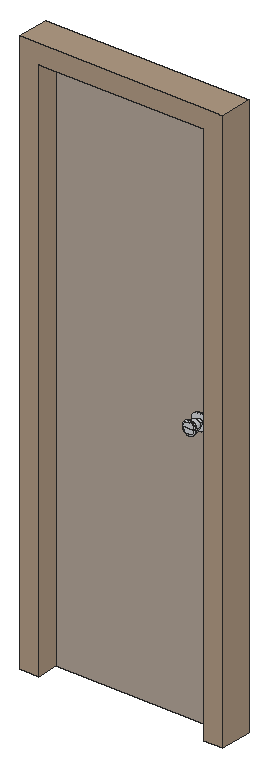
Revit family "D9_木門", category 門, Revit 2014
Parameters (values of type "75 x 210 cm")
  熱阻 (R) = 0.270117 (m²·K)/W
  Visual Light Transmittance = 0
  Solar Heat Gain Coefficient = 0
  營造類型 Id = "MDOOR"
  關鍵註記 = "單開門-矩形"
  傳熱係數 (U) = 3.7021 W/(m²·K)
  功能 = 室內
  門扇材料 = none
  門扇寬度 = Width - 2 * 開門側框寬度  # 650 mm
  門扇厚度 = 40 mm
  Assembly Code = ""
  Rough Height = Height  # 2100 mm
  Rough Width = Width  # 750 mm
  框架深度 = 120 mm
  框擋板寬度 = 門扇厚度 / 2  # 20 mm
  框總寬度 [instance] = 開門側框寬度 + 框擋板寬度  # 70 mm
  Height = 2100 mm
  牆封閉 = 依主體
  框架材料 = none
  開門側框寬度 = 50 mm
  握把五金 = none
  Width = 750 mm
  操作 = "左單開門方向"
  解析營造 = "金屬"
Reference planes
  plane 1: y = -210
  plane 2 "中心 (左/右)": x = 0
  plane 3 "左": x = -375
  plane 4 "右": x = 375
  plane 5: z = 2100
  plane 6 "外部": y = -135
  plane 7 "內部": y = -285
  plane 8: y = 320
  plane 9: y = -740
  plane 10: z = 1050
Forms (mm)
  Sweep 1, solid, material "橡木、紅色"
    path origin (-5000, -210, 0) x (-1, 0, 0) y (0, 0, 1)
      loop
        line (-5375, 0) -> (-5375, 2100) -> (-4625, 2100) -> (-4625, 0)
    profile origin (375, -210, 1050) x (1, 0, 0) y (0, 1, 0)
      loop
        line (0, 60) -> (-50, 60) -> (-50, 20) -> (-70, 20) -> (-70, -60) -> (0, -60) -> (0, 60)
  Extrusion 2, solid, material "橡木、白色"
    sketch origin (-5000, -210, 0) x (1, 0, 0) y (0, 0, 1)
      loop
        line (4675, 2050) -> (4675, 0) -> (5325, 0) -> (5325, 2050) -> (4675, 2050)
    from -60 to -20
Lines and regions (mm)
  Opening 1
    outline origin (-3050, -285, 0) x (1, 0, 0) y (0, 0, 1)
      loop
        line (2675, 0) -> (3425, 0) -> (3425, 2100) -> (2675, 2100) -> (2675, 0)
  symbolic lines, style "Doors"
    curve 1: line (-325, -150, 0) -> (-285, -150, 0)
    curve 2: line (-325, 500, 0) -> (-325, -150, 0)
    curve 3: line (-285, 500, 0) -> (-325, 500, 0)
    curve 4: line (-285, -150, 0) -> (-285, 500, 0)
  symbolic lines, style "平面圖打開方向"
    curve 5: arc (325, -150, 0) -> (148.55, 295.253, 0) -> (-285, 498.768, 0) r 650
  symbolic lines, style "DoorsFrameMullionProjection"
    curve 6: line (-325, -150, 0) -> (-375, -150, 0)
    curve 7: line (-325, -270, 0) -> (-325, -150, 0)
    curve 8: line (-375, -270, 0) -> (-325, -270, 0)
    curve 9: line (-375, -150, 0) -> (-375, -270, 0)
    curve 10: line (325, -150, 0) -> (375, -150, 0)
    curve 11: line (325, -270, 0) -> (325, -150, 0)
    curve 12: line (375, -270, 0) -> (325, -270, 0)
    curve 13: line (375, -150, 0) -> (375, -270, 0)
  symbolic lines, style "立面圖打開方向"
    curve 14: line (-375, -285, 1050) -> (375, -285, 0)
    curve 15: line (-375, -135, 1050) -> (375, -135, 2100)
  model lines
    curve 16: line (205, -150, 450) -> (-205, -150, 450)
    curve 17: line (205, -150, 200) -> (205, -150, 450)
    curve 18: line (-205, -150, 200) -> (205, -150, 200)
    curve 19: line (-205, -150, 450) -> (-205, -150, 200)
    curve 20: line (205, -150, 410) -> (-205, -150, 410)
    curve 21: line (205, -150, 370) -> (-205, -150, 370)
    curve 22: line (205, -150, 330) -> (-205, -150, 330)
    curve 23: line (205, -150, 290) -> (-205, -150, 290)
    curve 24: line (205, -150, 250) -> (-205, -150, 250)
    curve 25: line (205, -190, 450) -> (-205, -190, 450)
    curve 26: line (205, -190, 200) -> (205, -190, 450)
    curve 27: line (-205, -190, 200) -> (205, -190, 200)
    curve 28: line (-205, -190, 450) -> (-205, -190, 200)
    curve 29: line (205, -190, 410) -> (-205, -190, 410)
    curve 30: line (205, -190, 370) -> (-205, -190, 370)
    curve 31: line (205, -190, 330) -> (-205, -190, 330)
    curve 32: line (205, -190, 290) -> (-205, -190, 290)
    curve 33: line (205, -190, 250) -> (-205, -190, 250)
Text (mm)
  text "外部" at (-2295.016, 1099.543, 0), in view "參考樓層"
  text "外部" at (0, 1615.38, 3698.081), in view "左"
  text "外部" at (0, 1036.032, 3874.932), in view "右"
Dimensions and locks
  equal spacing: plane 3 "左", plane 2 "中心 (左/右)", plane 4 "右"
  "Width": plane 3 "左" to plane 4 "右"
  "Height": plane 5 to host wall
  host wall to plane 5 = 2100 mm  (x2)
  locked: plane 6 "外部" to host wall at 0
  locked: plane 7 "內部" to host wall
  equal spacing: Sweep 1 sketch curve, host wall, Sweep 1 sketch curve
  "框架深度": Sweep 1 sketch curve to Sweep 1 sketch curve
  "門扇厚度": Sweep 1 sketch curve to Sweep 1 sketch curve
  "開門側框寬度": Sweep 1 sketch curve to Sweep 1 sketch curve
  "框擋板寬度": Sweep 1 sketch curve to Sweep 1 sketch curve
  "Width": Sweep 1 sketch curve to Sweep 1 sketch curve
  "門扇厚度": curve 2 to curve 4
  "門扇寬度": curve 3 to curve 1
  "開門側框寬度": curve 11 to Sweep 1
  "開門側框寬度": curve 9 to curve 7
  equal spacing: Sweep 1, host wall, Sweep 1  (x2)
  "框架深度": Sweep 1 to Sweep 1  (x2)
  equal spacing: curve 6, plane 1, curve 8
  "框架深度": curve 6 to curve 8
  equal spacing: curve 12, plane 1, curve 10
  "框架深度": curve 12 to curve 10
  locked: nested 2 to Sweep 1 at 75
  locked: nested 1 to Sweep 1 at 75
  equal spacing: plane 8, plane 1, plane 9
  plane 8 to plane 9 = 1060 mm
  "門扇厚度": Extrusion 2 to Extrusion 2
  equal spacing: plane 5, plane 10, level
  "門扇寬度": radius of curve 5
  aligned and locked: plane 3 "左" to Opening 1 sketch curve
  aligned and locked: plane 5 to Opening 1 sketch curve  (x2)
  aligned and locked: Opening 1 sketch curve to plane 4 "右"
  aligned and locked: Opening 1 sketch curve to level
  aligned and locked: plane 1 to host wall
  aligned and locked: Sweep 1 to Extrusion 2 sketch curve
  aligned and locked: Extrusion 2 sketch curve to Sweep 1  (x2)
  aligned and locked: level to Extrusion 2 sketch curve
  aligned and locked: Extrusion 2 to Sweep 1
  aligned and locked: nested 1 to Extrusion 2
  aligned and locked: Extrusion 2 to nested 2
  aligned and locked: plane 4 "右" to curve 15
  aligned and locked: plane 5 to curve 15
  aligned and locked: level to curve 14
  aligned and locked: plane 4 "右" to curve 14
  aligned and locked: plane 10 to curve 15
  aligned and locked: plane 3 "左" to curve 15
  aligned and locked: curve 14 to curve 15
Automatic sketch dimensions
  curve 14 to plane 10 = 0 mm
  plane 4 "右" to Sweep 1 sketch curve = 0 mm
  Sweep 1 sketch curve to plane 5 = 0 mm
  Sweep 1 sketch curve to level = 0 mm  (x2)
  Sweep 1 sketch curve to profile plane = 0 mm
  curve 9 to plane 3 "左" = 0 mm
  curve 13 to plane 4 "右" = 0 mm
  Extrusion 2 to curve 16 = 120 mm
  Extrusion 2 to curve 18 = 200 mm
  Extrusion 2 to curve 18 = 120 mm
  curve 17 to curve 17 = 250 mm
  curve 17 to curve 24 = 50 mm
  curve 24 to curve 23 = 40 mm
  curve 23 to curve 22 = 40 mm
  curve 22 to curve 21 = 40 mm
  curve 20 to curve 16 = 40 mm
  curve 25 to plane 3 "左" = 170 mm
  level to curve 25 = 450 mm
  plane 4 "右" to curve 27 = 170 mm
  level to curve 27 = 200 mm
  curve 25 to curve 29 = 40 mm
  curve 29 to curve 30 = 40 mm
  curve 30 to curve 31 = 40 mm
  curve 31 to curve 32 = 40 mm
  curve 32 to curve 33 = 40 mm
Nested families
  nested 1: "喇叭鎖" at (305, -190, 0) x (-1, 0, 0) z (0, 0, 1), type "喇叭鎖"
  nested 2: "喇叭鎖" at (305, -150, 0) x (-1, 0, 0) z (0, 0, 1), type "喇叭鎖"
  nested 3: "喇叭鎖" at (365, 60, 1000), type "喇叭鎖", not visible
  nested 4: "喇叭鎖" at (365, 20, 1000), type "喇叭鎖", not visible
Definition of nested family "喇叭鎖"
  Parameters (values of type "喇叭鎖")
    Assembly Code = ""
    握把高度 = 1000 mm
    握把與版面側邊距離 = 75 mm
    握把五金 = none
  Reference planes
    plane 1 "中心 (前/後)": y = 0
    plane 2: z = 0
    plane 3 "中心 (左/右)": x = 0
    plane 4: x = 75
  Forms (mm)
    Revolve 1, solid, material <- "握把五金"
      sketch origin (511.236, -60, 1000) x (1, 0, 0) y (0, 1, 0)
        loop
          line (-436.236, 60) -> (-406.236, 60) -> (-406.236, 66) -> (-426.236, 66) -> (-426.236, 85) -> (-417.636, 85) -> (-411.236, 109.7) -> (-411.236, 113.2) -> (-415.736, 115) -> (-436.236, 115) -> (-436.236, 60)
        axis (-436.236, 60) -> (-436.236, 115)
      angle from 0 to 360
  Dimensions and locks
    "握把與版面側邊距離": plane 3 "中心 (左/右)" to plane 4
    "握把高度": Revolve 1 to level
  Automatic sketch dimensions
    plane 3 "中心 (左/右)" to Revolve 1 sketch curve = 75 mm  (x2)
    Revolve 1 sketch curve to plane 1 "中心 (前/後)" = 0 mm
    plane 3 "中心 (左/右)" to Revolve 1 sketch curve = 85 mm
    Revolve 1 sketch curve to Revolve 1 sketch curve = 8.6 mm
    plane 3 "中心 (左/右)" to Revolve 1 sketch curve = 95.5 mm
    Revolve 1 sketch curve to Revolve 1 sketch curve = 4.5 mm
    Revolve 1 sketch curve to Revolve 1 sketch curve = 20 mm
    plane 1 "中心 (前/後)" to Revolve 1 sketch curve = 60 mm
    Revolve 1 sketch curve to Revolve 1 sketch curve = 6 mm
    Revolve 1 sketch curve to Revolve 1 sketch curve = 19 mm
    Revolve 1 sketch curve to Revolve 1 sketch curve = 24.7 mm
    Revolve 1 sketch curve to Revolve 1 sketch curve = 3.5 mm
    Revolve 1 sketch curve to Revolve 1 sketch curve = 1.8 mm
    Revolve 1 sketch curve to Revolve 1 sketch curve = 200 mm
